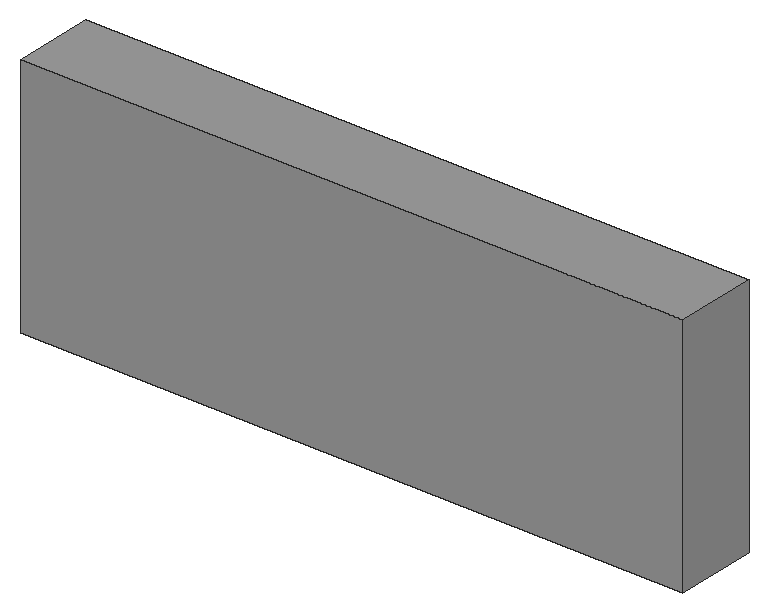
Revit family "Concrete-Rectangular Beam", category Structural Framing, Revit 2017
Family settings
  Display in Hidden Views = Edges Hidden by Other Members
  Section Shape = Not Defined
  Material for Model Behavior = Concrete
  Always export as geometry = No
  Always vertical = Yes
  Cut with Voids When Loaded = No
  Symbolic Representation = From Family
  Shared = No
  Show family pre-cut in plan views = Yes
Parameters (values of type "450_X_150")
  d [instance] = Depth - COVER  # 410 mm
  b [instance] = B  # 150 mm
  TOP_REINFORCEMENT_RIGHT_TON [instance] = 0 mm
  TOP_REINFORCEMENT_RIGHT_NO [instance] = 0
  TOP_REINFORCEMENT_MID_TON [instance] = 0 mm
  TOP_REINFORCEMENT_MID_NO [instance] = 0
  TOP_REINFORCEMENT_LEFT_TON [instance] = 0 mm
  TOP_REINFORCEMENT_LEFT_NO [instance] = 0
  TOP REINFORCEMENT RIGHT [instance] = ""
  TOP REINFORCEMENT MID SPAN [instance] = ""
  TOP REINFORCEMENT LEFT [instance] = ""
  Structural Material = Concrete, Cast-in-Place gray RCC
  SHEAR_STIRRUPS_RIGHT_TON [instance] = 0 mm
  SHEAR_STIRRUPS_RIGHT_NO [instance] = 0
  SHEAR_STIRRUPS_MID_TON [instance] = 0 mm
  SHEAR_STIRRUPS_MID_NO [instance] = 0
  SHEAR_STIRRUPS_LEFT_TON [instance] = 0 mm
  SHEAR_STIRRUPS_LEFT_NO [instance] = 0
  SFR_TON [instance] = 0 mm
  SFR_NO [instance] = 0
  H = 450 mm
  GUID [instance] = 0
  GRADE(Mpa) [instance] = 0
  ETABS LABEL [instance] = ""
  Depth [instance] = H  # 450 mm
  DIAGONAL_STEEL [instance] = 0
  Col/Beam No. [instance] = ""
  COVER [instance] = 40 mm
  Beam_Type [instance] = ""
  BOTTOM_REINFORCEMENT_RIGHT_TON [instance] = 0 mm
  BOTTOM_REINFORCEMENT_RIGHT_NO [instance] = 0
  BOTTOM_REINFORCEMENT_MID_TON [instance] = 0 mm
  BOTTOM_REINFORCEMENT_MID_NO [instance] = 0
  BOTTOM_REINFORCEMENT_LEFT_TON [instance] = 0 mm
  BOTTOM_REINFORCEMENT_LEFT_NO [instance] = 0
  BOTTOM REINFORCEMENT RIGHT [instance] = ""
  BOTTOM REINFORCEMENT MID SPAN [instance] = ""
  BOTTOM REINFORCEMENT LEFT [instance] = ""
  BEAM_START_CONDITION [instance] = ""
  BEAM_END_CONDITION [instance] = ""
  B = 150 mm
  Assembly Code = ""
  Length [instance] = 1524 mm
Reference planes
  plane 1 "Center (Front/Back)": y = 0
  plane 2: z = 0
  plane 3 "Center (Left/Right)": x = 4.61
  plane 4 "Member Left": x = -604.99
  plane 5 "Member Right": x = 614.21
  plane 6: y = 75
  plane 7: y = -75
  plane 8: z = 225
  plane 9 "Bottom": z = -225
  plane 10 "Left": x = -757.39
  plane 11 "Right": x = 766.61
Forms (mm)
  Sweep 1, solid, material "Concrete, Cast-in-Place gray RCC" <- "Structural Material"
    path origin (0, 0, 0) x (1, 0, 0) y (0, 1, 0)
      loop
        line (614.21, 0) -> (-604.99, 0)
    profile "M_Rectangular Beam-Profile : M_Rectangular Beam-Profile" origin (4.61, 0, 0) x (0, -1, 0) y (0, 0, 1)
      loop
        line (-75, -225) -> (75, -225) -> (75, 225) -> (-75, 225) -> (-75, -225)
Dimensions and locks
  "B": plane 6 to plane 7
  equal spacing: plane 9 "Bottom", plane 2, plane 8
  equal spacing: plane 6, plane 1 "Center (Front/Back)", plane 7
  "H": plane 9 "Bottom" to plane 8
  "Length": plane 10 "Left" to plane 11 "Right"
  aligned and locked: Sweep 1 sketch curve to plane 1 "Center (Front/Back)"
  aligned and locked: plane 4 "Member Left" to Sweep 1 sketch curve
  aligned and locked: plane 5 "Member Right" to Sweep 1 sketch curve
